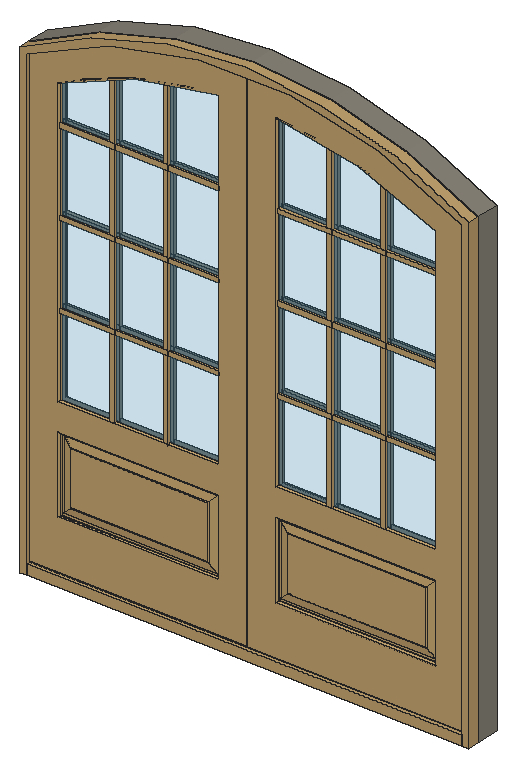
Revit family
Parameters (values of type "CUIAF6070")
  URL = "www.marvin.com"
  Thickness = 0' - 1 3/4"
  Sill Material = Fiberglass_Pultrusion-Marvin-Beige
  Rough Width = Width + 0' 1"  # 6' - 1 5/8"
  Rough Height = Height + 0' 0 1/2"  # 7' - 2 1/2"
  Radius = 6' - 0 1/8"
  RO Radius = 6' - 0 1/2"
  Plan Swing Angle [instance] = 90.00°
  Panel Type = Raised Panel : Raised Panel
  Muntins Interior Material = Wood-Marvin-Pine
  Muntins Exterior Material = Aluminum-Marvin-Bronze
  Mask Offset [instance] = if(Inset to Installation Flange = 0' 1 3/32", 0' 0 1/32", 0' 0")  # 0' - 0"
  Interior Material = Wood-Marvin-Pine
  Function = 1
  Frame = "Aluminum Clad"
  Door Panel Width = (Width - 0' 2 1/2") / 2  # 2' - 11 1/16"
  Panel Height = Intermediate Rail Height - 1' 0 11/32"  # 0' - 11 31/32"
  Nominal Width = 6' - 0"
  Nominal Height = 7' - 0"
  Muntins Interior Visibility = yes
  Muntins Exterior Visibility = yes
  Model = "CUIAF6070"
  Mask [instance] = Inset to Installation Flange > 0' 1 3/32"  # no
  Manufacturer = "Marvin Windows and Doors"
  Low Panel Placement = 1 = 1  # yes
  Lites Wide = 3
  Lites High = 4
  Label Visibility = no
  Jamb Extension Visibility = no
  Intermediate Rail Height = if(Low Panel Placement, 2' 0 5/16", 3' 2 1/8")  # 2' - 0 5/16"
  High Panel Placement = 1 = 0  # no
  Inset to Installation Flange [instance] = 0' - 1"
  Height = if(Nominal Height = 6' 6", Nominal Height + 0' 1 1/2", if(Nominal Height = 8' 0", Nominal Height - 0' 0 1/2", Nominal Height + 0' 2"))  # 7' - 2"
  Wall Closure = (empty or 0)
  Width = Nominal Width + 0' 0 5/8"  # 6' - 0 5/8"
  Glazing Material = Glass-Marvin-IG Low E II with Argon
  Glass Type = "IG Low E II with Argon"
  Family created by = "www.rbuiltcomponents.com"
  FS Springline = 6' - 4 3/16"
  Door Type = "Clad Ultimate Inswing Archtop French Door"
  Design Pressure = "DP40"
  Description = "7284 AT FR DOOR"
  Daylight Area = DLO Width * DLO Height * 2  # 18.9731 SF
  DLO Width = (Width - 1' 9 7/16") / 2  # 2' - 1 19/32"
  DLO Height = Height - (Intermediate Rail Height + 0' 8 5/16")  # 4' - 5 3/8"
  Cladding Material = Aluminum-Marvin-Bronze
  Assembly Code = ""
Reference planes (in)
  plane 1 "Center (Front/Back)": y = 0
  plane 2 "Center (Left/Right)": x = 0
  plane 3 "Left": x = -36.3125
  plane 4 "Right": x = 36.3125
  plane 5 "Top": z = 86
  plane 6 "Exterior": y = 3
  plane 7 "Interior": y = -3
  plane 8 "Inset": y = 2
  plane 9 "Glazing": y = -0.71875
  plane 10: x = -30.375
  plane 11: x = 30.375
  plane 12: z = 80.0625
  plane 13: z = 9.96875
  plane 14 "Jamb Ext Face": y = -2.5625
  plane 15: x = -0.0625
  plane 16: x = 0.0625
  plane 17: x = 4.8125
  plane 18: x = -4.8125
  plane 19: x = -17.59375
  plane 20: x = 17.59375
  plane 21: z = 76.1875
  plane 22: z = 24.3125
  plane 23: z = 21.9375
  plane 24: z = 26.6875
  plane 25: y = -2.59375
Forms (in)
  Sweep 1, solid, material "Aluminum-Marvin-Bronze" <- "Cladding Material"
    path origin (0, -0.71875, 0) x (1, 0, 0) y (0, 0, 1)
      loop
        line (-1.125, 4.03125) -> (36.3125, 4.03125) -> (36.3125, 76.1875)
        arc (36.3125, 76.1875) -> (18.26324, 83.64484) -> (-1.125, 85.98665) r 72.125
        line (-1.125, 85.98665) -> (-1.125, 4.03125)
    profile "Clad_Panel : Clad_Panel" origin (-1.125, -0.71875, 45.00895) x (-1, 0, 0) y (0, -1, 0)
      loop
        line (-1.1875, 0) -> (-5.9375, 0) -> (-5.9375, -0.05719) -> (-5.72946, -0.26523) -> (-5.72946, -0.4375) -> (-1.1875, -0.4375) -> (-1.1875, 0)
  Sweep 2, solid, material "Wood-Marvin-Pine" <- "Interior Material"
    path origin (0, -0.71875, 0) x (1, 0, 0) y (0, 0, 1)
      loop
        line (-1.125, 85.98665) -> (-1.125, 4.03125) -> (36.3125, 4.03125) -> (36.3125, 76.1875)
        arc (36.3125, 76.1875) -> (18.26324, 83.64484) -> (-1.125, 85.98665) r 72.125
    profile "Int_Panel : Int_Panel" origin (-1.125, -0.71875, 45.00895) x (1, 0, 0) y (0, -1, 0)
      loop
        line (1.1875, 1.3125) -> (1.1875, 0) -> (5.21266, 0) -> (5.21266, 0.82511) -> (5.9375, 0.82511) -> (5.9375, 0.97108) -> (5.74041, 1.3125) -> (1.1875, 1.3125)
  Sweep 3, solid, material "Aluminum-Marvin-Bronze" <- "Cladding Material"
    path origin (0, -0.71875, 0) x (1, 0, 0) y (0, 0, 1)
      loop
        line (-36.3125, 0) -> (-36.3125, 76.1875)
        arc (-36.3125, 76.1875) -> (0, 85.99542) -> (36.3125, 76.1875) r 72.125
        line (36.3125, 76.1875) -> (36.3125, 0)
    profile "Clad_Frame : Clad_Frame" origin (-36.3125, -0.71875, 38.09375) x (-1, 0, 0) y (0, -1, 0)
      loop
        line (0, -3.8125) -> (0, 0) -> (-1.06374, 0) -> (-1.06374, -0.53244) -> (-1.77792, -0.53244)
        arc (-1.77792, -0.53244) -> (-1.63018, -1.76415) -> (-1.51551, -2.99937) r 46.27589
        line (-1.51551, -2.99937) -> (-0.93767, -2.99937) -> (-0.93767, -3.10585) -> (-0.67848, -3.10585) -> (-0.67848, -3.8125) -> (0, -3.8125)
  Sweep 4, solid, material "Wood-Marvin-Pine" <- "Interior Material"
    path origin (0, -0.71875, 0) x (1, 0, 0) y (0, 0, 1)
      loop
        line (-36.3125, 0) -> (-36.3125, 76.1875)
        arc (-36.3125, 76.1875) -> (0, 85.99542) -> (36.3125, 76.1875) r 72.125
        line (36.3125, 76.1875) -> (36.3125, 0)
    profile "Int_Frame : Int_Frame" origin (-36.3125, -0.71875, 38.09375) x (-1, 0, 0) y (0, -1, 0)
      loop
        line (0, 0) -> (0, 1.84375) -> (-1.06374, 1.84375) -> (-1.06374, 0) -> (0, 0)
  Sweep 5, solid, material "Fiberglass_Pultrusion-Marvin-Beige" <- "Sill Material"
    path origin (0, 2, 0) x (1, 0, 0) y (0, 0, 1)
      loop
        line (35.63402, 0) -> (-35.63402, 0)
    profile "Sill : Sill" origin (0, 2, 0) x (0, 0, -1) y (0, -1, 0)
      loop
        line (-0.45122, -1.09375) -> (0, -1.09375) -> (0, 3.9375) -> (-1.61915, 3.9375) -> (-1.61915, 1.78125) -> (-0.75338, 1.78125) -> (-0.45122, -1.09375)
  Extrusion 6, solid, material "Aluminum-Marvin-Bronze" <- "Cladding Material"
    sketch origin (0, 0, 0) x (0, 1, 0) y (0, 0, 1)
      loop
        line (-0.28125, 5.21875) -> (-0.71875, 5.21875) -> (-0.71875, 1.8125) -> (-0.28125, 1.8125) -> (-0.28125, 5.21875)
    from 0.0625 to 35.125
  Extrusion 7, solid, material "Wood-Marvin-Pine" <- "Interior Material"
    sketch origin (0, 0, 0) x (0, 1, 0) y (0, 0, 1)
      loop
        line (-0.71875, 5.21875) -> (-2.03125, 5.21875) -> (-2.03125, 1.8125) -> (-0.71875, 1.8125) -> (-0.71875, 5.21875)
    from 0.0625 to 35.125
  Extrusion 8, solid, material "Wood-Marvin-Pine" <- "Interior Material", visible <- "Jamb Extension Visibility", detail levels medium+fine
    sketch origin (0, -2.5625, 0) x (1, 0, 0) y (0, 0, 1)
      loop
        line (-36.3125, 0) -> (-35.625, 0) -> (-35.625, 75.79115)
        arc (-35.625, 75.79115) -> (0, 85.30792) -> (35.625, 75.79115) r 71.4375
        line (35.625, 75.79115) -> (35.625, 0) -> (36.3125, 0) -> (36.3125, 76.1875)
        arc (36.3125, 76.1875) -> (0, 85.99542) -> (-36.3125, 76.1875) r 72.125
        line (-36.3125, 76.1875) -> (-36.3125, 0)
    from 0.03125 to 0.4375
  Extrusion 9, solid, material "Glass-Marvin-IG Low E II with Argon" <- "Glazing Material"
    sketch origin (0, -0.71875, 0) x (1, 0, 0) y (0, 0, 1)
      loop
        line (31, 26.0625) -> (31, 73.16849)
        arc (31, 73.16849) -> (17.9872, 78.3198) -> (4.1875, 80.6516) r 66.91234
        line (4.1875, 80.6516) -> (4.1875, 26.0625) -> (31, 26.0625)
      loop
        line (-4.1875, 26.0625) -> (-4.1875, 80.6516)
        arc (-4.1875, 80.6516) -> (-17.9872, 78.3198) -> (-31, 73.16849) r 66.91234
        line (-31, 73.16849) -> (-31, 26.0625) -> (-4.1875, 26.0625)
    from 0 to 0.125
  Extrusion 10, solid, material "Glass-Marvin-IG Low E II with Argon" <- "Glazing Material"
    sketch origin (0, -0.71875, 0) x (1, 0, 0) y (0, 0, 1)
      loop
        line (31, 26.0625) -> (31, 73.16849)
        arc (31, 73.16849) -> (17.9872, 78.3198) -> (4.1875, 80.6516) r 66.91234
        line (4.1875, 80.6516) -> (4.1875, 26.0625) -> (31, 26.0625)
      loop
        line (-31, 26.0625) -> (-4.1875, 26.0625) -> (-4.1875, 80.6516)
        arc (-4.1875, 80.6516) -> (-17.9872, 78.3198) -> (-31, 73.16849) r 66.91234
        line (-31, 73.16849) -> (-31, 26.0625)
    from 0.65625 to 0.78125
  Extrusion 11, solid, material "Wood-Marvin-Pine" <- "Interior Material"
    sketch origin (0, 0, 0) x (0, 1, 0) y (0, 0, 1)
      loop
        line (-1.9375, 1.625) -> (-2.5625, 1.625) -> (-2.5625, 0) -> (-1.9375, 0) -> (-1.9375, 1.625)
    from -35.24876 to 35.24876
  Sweep 12, solid, material "Aluminum-Marvin-Bronze" <- "Cladding Material"
    path origin (0, -0.71875, 0) x (-1, 0, 0) y (0, 0, 1)
      loop
        line (-1.125, 4.03125) -> (36.3125, 4.03125) -> (36.3125, 76.1875)
        arc (36.3125, 76.1875) -> (18.26324, 83.64484) -> (-1.125, 85.98665) r 72.125
        line (-1.125, 85.98665) -> (-1.125, 4.03125)
    profile "Clad_Panel : Clad_Panel" origin (1.125, -0.71875, 45.00895) x (-1, 0, 0) y (0, -1, 0)
      loop
        line (1.1875, 0) -> (1.1875, -0.4375) -> (5.72946, -0.4375) -> (5.72946, -0.26523) -> (5.9375, -0.05719) -> (5.9375, 0) -> (1.1875, 0)
  Sweep 13, solid, material "Wood-Marvin-Pine" <- "Interior Material"
    path origin (0, -0.71875, 0) x (-1, 0, 0) y (0, 0, 1)
      loop
        line (-1.125, 85.98665) -> (-1.125, 4.03125) -> (36.3125, 4.03125) -> (36.3125, 76.1875)
        arc (36.3125, 76.1875) -> (18.26324, 83.64484) -> (-1.125, 85.98665) r 72.125
    profile "Int_Panel : Int_Panel" origin (1.125, -0.71875, 45.00895) x (1, 0, 0) y (0, -1, 0)
      loop
        line (-1.1875, 1.3125) -> (-5.74041, 1.3125) -> (-5.9375, 0.97108) -> (-5.9375, 0.82511) -> (-5.21266, 0.82511) -> (-5.21266, 0) -> (-1.1875, 0) -> (-1.1875, 1.3125)
  Extrusion 14, solid, material "Wood-Marvin-Pine" <- "Interior Material"
    sketch origin (0, 0, 0) x (0, 1, 0) y (0, 0, -1)
      loop
        line (-0.71875, -5.21875) -> (-0.71875, -1.8125) -> (-2.03125, -1.8125) -> (-2.03125, -5.21875) -> (-0.71875, -5.21875)
    from 0.0625 to 35.125
  Extrusion 15, solid, material "Aluminum-Marvin-Bronze" <- "Cladding Material"
    sketch origin (0.125, 0, 0) x (0, 1, 0) y (0, 0, -1)
      loop
        line (-0.28125, -5.21875) -> (-0.28125, -1.8125) -> (-0.71875, -1.8125) -> (-0.71875, -5.21875) -> (-0.28125, -5.21875)
    from 0.1875 to 35.25
  Sweep 16, solid, material "Aluminum-Marvin-Bronze" <- "Cladding Material"
    path in 3D
      loop
        line (-0.0625, -0.28125, 1.8125) -> (-0.0625, -0.28125, 84.8079)
    profile "Mtg_Stile : Mtg_Stile" origin (-0.0625, -0.28125, 43.3102) x (0, -1, 0) y (1, 0, 0)
      loop
        line (0, 0.71385) -> (-0.9637, 0.61256) -> (-1.13979, 0.37874) -> (-1.594, 0.25704) -> (-1.594, -0.62233) -> (-1.15549, -0.73983) -> (-0.9773, -0.97643) -> (0, -1.07915) -> (0, 0.71385)
  Sweep 17, solid, material "Aluminum-Marvin-Bronze" <- "Cladding Material"
    path origin (0, -0.71875, 0) x (1, 0, 0) y (0, 0, 1)
      loop
        line (30.58304, 24.3125) -> (4.60446, 24.3125)
    profile "Inter_Rail_Clad : Inter_Rail_Clad" origin (17.59375, -0.71875, 24.3125) x (0, 0, -1) y (0, -1, 0)
      loop
        line (2.16696, -0.4375) -> (2.16696, -0.26523) -> (2.375, -0.05719) -> (2.375, 0) -> (-2.375, 0) -> (-2.375, -0.05719) -> (-2.16696, -0.26523) -> (-2.16696, -0.4375) -> (2.16696, -0.4375)
  Sweep 18, solid, material "Aluminum-Marvin-Bronze" <- "Cladding Material"
    path origin (-35.1875, -0.71875, 0) x (1, 0, 0) y (0, 0, 1)
      loop
        line (30.58304, 24.3125) -> (4.60446, 24.3125)
    profile "Inter_Rail_Clad : Inter_Rail_Clad" origin (-17.59375, -0.71875, 24.3125) x (0, 0, -1) y (0, -1, 0)
      loop
        line (2.16696, -0.4375) -> (2.16696, -0.26523) -> (2.375, -0.05719) -> (2.375, 0) -> (-2.375, 0) -> (-2.375, -0.05719) -> (-2.16696, -0.26523) -> (-2.16696, -0.4375) -> (2.16696, -0.4375)
  Sweep 19, solid, material "Wood-Marvin-Pine" <- "Interior Material"
    path origin (0, -0.71875, 0) x (1, 0, 0) y (0, 0, 1)
      loop
        line (-30.57209, 24.3125) -> (-4.61541, 24.3125)
    profile "Inter_Rail_Int : Inter_Rail_Int" origin (-17.59375, -0.71875, 24.3125) x (0, 0, 1) y (0, -1, 0)
      loop
        line (2.17791, 1.3125) -> (-2.17791, 1.3125) -> (-2.375, 0.97108) -> (-2.375, 0.82511) -> (-1.65016, 0.82511) -> (-1.65016, 0) -> (1.65016, 0) -> (1.65016, 0.82511) -> (2.375, 0.82511) -> (2.375, 0.97108) -> (2.17791, 1.3125)
  Sweep 20, solid, material "Wood-Marvin-Pine" <- "Interior Material"
    path origin (35.1875, -0.71875, 0) x (1, 0, 0) y (0, 0, 1)
      loop
        line (-30.57209, 24.3125) -> (-4.61541, 24.3125)
    profile "Inter_Rail_Int : Inter_Rail_Int" origin (17.59375, -0.71875, 24.3125) x (0, 0, 1) y (0, -1, 0)
      loop
        line (2.17791, 1.3125) -> (-2.17791, 1.3125) -> (-2.375, 0.97108) -> (-2.375, 0.82511) -> (-1.65016, 0.82511) -> (-1.65016, 0) -> (1.65016, 0) -> (1.65016, 0.82511) -> (2.375, 0.82511) -> (2.375, 0.97108) -> (2.17791, 1.3125)
Cuts and joins
  joined: Sweep 1, Extrusion 6, Sweep 17
  joined: Sweep 2, Extrusion 7, Sweep 20
  joined: Sweep 13, Extrusion 14, Sweep 19
  joined: Sweep 12, Extrusion 15, Sweep 18
Lines and regions (in)
  Opening 1
    outline origin (-90, -3, 0) x (1, 0, 0) y (0, 0, 1)
      loop
        line (53.6875, 0) -> (126.3125, 0) -> (126.3125, 76.1875)
        arc (126.3125, 76.1875) -> (90, 85.99542) -> (53.6875, 76.1875) r 72.125
        line (53.6875, 76.1875) -> (53.6875, 0)
  Masking region 1
    outline origin (0, 0, 0) x (0, 1, 0) y (0, 0, 1)
      loop
        line (3.09375, 86) -> (-2.5625, 86) -> (-2.5625, 0) -> (3.09375, 0) -> (3.09375, 86)
  Masking region 2, visible <- "Mask"
    outline origin (0, 0, 0) x (0, 1, 0) y (0, 0, 1)
      loop
        line (3.09375, 86) -> (3, 86) -> (3, 0) -> (3.09375, 0) -> (3.09375, 86)
  Masking region 3, visible <- "Jamb Extension Visibility"
    outline origin (0, 0, 0) x (1, 0, 0) y (0, 1, 0)
      loop
        line (-36.3125, -2.59375) -> (-36.3125, -3) -> (-35.625, -3) -> (-35.625, -2.59375) -> (-36.3125, -2.59375)
      loop
        line (36.3125, -2.59375) -> (35.625, -2.59375) -> (35.625, -3) -> (36.3125, -3) -> (36.3125, -2.59375)
  Masking region 4
    outline origin (0, 0, 0) x (0, 1, 0) y (0, 0, 1)
      loop
        line (-2.59375, 86) -> (-3, 86) -> (-3, 0) -> (-2.59375, 0) -> (-2.59375, 86)
  symbolic lines, style "DoorsFrameMullionProjection", visible <- "Jamb Extension Visibility", detail levels coarse+medium
    curve 1: line (-36.3125, -3, 0) -> (-35.625, -3, 0)
    curve 2: line (-35.625, -3, 0) -> (-35.625, -2.59375, 0)
    curve 3: line (36.3125, -3, 0) -> (35.625, -3, 0)
    curve 4: line (35.625, -3, 0) -> (35.625, -2.59375, 0)
    curve 7: line (0, -2.59375, 85.3125) -> (0, -3, 85.3125)
    curve 8: line (0, -3, 85.3125) -> (0, -3, 86)
  symbolic lines, style "Jamb Extension", visible <- "Jamb Extension Visibility", detail levels fine
    curve 5: line (0, -2.59375, 85.3125) -> (0, -3, 85.3125)
    curve 6: line (0, -3, 85.3125) -> (0, -3, 86)
  symbolic lines, style "DoorsFrameMullionProjection", detail levels coarse+medium
    curve 9: line (0, 3.09375, 86) -> (0, 3.09375, 84.93626)
    curve 10: line (0, 3.09375, 84.93626) -> (0, -2.5625, 84.93626)
    curve 11: line (0, -2.5625, 84.93626) -> (0, -2.5625, 86)
    curve 20: line (0, -0.28125, 80.0625) -> (0, -0.28125, 26.6875)
    curve 21: line (0, -2.03125, 80.0625) -> (0, -2.03125, 26.6875)
    curve 24: line (0, 3.09375, 0.45122) -> (0, 0.21875, 0.75338)
    curve 25: line (0, 0.21875, 1.625) -> (0, 0.21875, 0.75338)
    curve 26: line (0, 0.21875, 1.625) -> (0, -2.56948, 1.625)
    curve 27: line (0, -2.56948, 0) -> (0, -2.56948, 1.625)
    curve 28: line (0, 3.09375, 0) -> (0, 3.09375, 0.45122)
    curve 29: line (0, 3.09375, 0) -> (0, -2.56948, 0)
  symbolic lines, style "DoorsPanelProjection", detail levels coarse+medium
    curve 12: line (0, -0.28125, 80.0625) -> (0, -0.28125, 84.93626)
    curve 13: line (0, -2.03125, 80.0625) -> (0, -0.28125, 80.0625)
    curve 14: line (0, -2.03125, 84.93626) -> (0, -2.03125, 80.0625)
    curve 15: line (0, -0.28125, 26.6875) -> (0, -2.03125, 26.6875)
    curve 16: line (0, -0.28125, 1.8125) -> (0, -0.28125, 26.6875)
    curve 17: line (0, -2.03125, 1.8125) -> (0, -0.28125, 1.8125)
    curve 18: line (0, -2.03125, 26.6875) -> (0, -2.03125, 1.8125)
  symbolic lines, style "DoorsGlassProjection", detail levels coarse+medium
    curve 19: line (0, -1.15625, 26.6875) -> (0, -1.15625, 80.0625)
  symbolic lines, style "Elevation Swing"
    curve 22: line (0, -0.71875, 1.73908) -> (35.125, -0.71875, 43)
    curve 23: line (35.125, -0.71875, 43) -> (0, -0.71875, 84.90841)
    curve 30: line (0, -0.71875, 1.73908) -> (-35.125, -0.71875, 43)
    curve 31: line (-35.125, -0.71875, 43) -> (0, -0.71875, 84.90841)
  sketch lines
    curve 32: line (-0.0625, -0.28125, 1.8125) -> (-0.0625, -0.28125, 84.8079)
  reference lines
    curve 33: arc (36.3125, 3, 76.1875) -> (0, 3, 85.99542) -> (-36.3125, 3, 76.1875) r 72.125
Text (in)
  text "Exterior" at (-74.96733, 27.31104, 0), in view "Ref. Level"
  text "Interior" at (-74.96733, -25.14366, 0), in view "Ref. Level"
  text "Exterior" at (0, 40.15149, 123.01588), in view "Right"
  text "Interior" at (0, -64.39139, 123.01588), in view "Right"
  text "Interior" at (0, -31.01599, 123.00693), in view "Left"
  text "Exterior" at (0, 54.57065, 123.00693), in view "Left"
Dimensions and locks (in)
  equal spacing: plane 3 "Left", plane 2 "Center (Left/Right)", plane 4 "Right"
  "Height": level to plane 5 "Top"
  "Width": plane 3 "Left" to plane 4 "Right"
  locked: plane 11 to plane 4 "Right" at 5.9375
  locked: plane 3 "Left" to plane 10 at 5.9375
  locked: plane 12 to plane 5 "Top" at 5.9375
  locked: level to plane 13 at 9.96875
  locked: Extrusion 6 sketch curve to Sweep 1 at 3.40625
  locked: Extrusion 7 sketch curve to Sweep 2 at 3.40625
  locked: Extrusion 8 sketch curve to plane 4 "Right" at 0.6875
  locked: plane 3 "Left" to Extrusion 8 sketch curve at 0.6875
  locked: Extrusion 9 sketch curve to plane 24 at 0.625
  locked: plane 11 to Extrusion 9 sketch curve at 0.625
  locked: Extrusion 10 sketch curve to plane 24 at 0.625
  locked: plane 11 to Extrusion 10 sketch curve at 0.625
  locked: plane 9 "Glazing" to Extrusion 9 at 0.125
  locked: plane 9 "Glazing" to Extrusion 10 at 0.78125
  locked: plane 9 "Glazing" to Extrusion 10 at 0.65625
  locked: Extrusion 10 to Extrusion 10 at 0.125
  "Inset to Installation Flange": host wall to plane 8 "Inset"
  locked: plane 9 "Glazing" to plane 8 "Inset" at 2.71875
  locked: plane 14 "Jamb Ext Face" to plane 8 "Inset" at 4.5625
  locked: nested 2 to host wall at 12
  locked: Extrusion 11 sketch curve to level at 1.625
  plane 15 to plane 2 "Center (Left/Right)" to plane 16 = 0' - 0 1/16", 0' - 0 1/16"
  locked: plane 17 to plane 16 at 4.75
  locked: plane 15 to plane 18 at 4.75
  locked: plane 17 to Extrusion 9 sketch curve at 0.625
  locked: plane 17 to Extrusion 10 sketch curve at 0.625
  equal spacing: plane 18, plane 19, plane 10
  equal spacing: plane 17, plane 20, plane 11
  equal spacing: level, curve 23, plane 5 "Top"
  locked: Extrusion 14 sketch curve to Extrusion 14 sketch curve at 3.40625
  locked: Extrusion 15 sketch curve to Extrusion 15 sketch curve at 3.40625
  locked: Extrusion 10 sketch curve to plane 18 at 0.625
  locked: Extrusion 10 sketch curve to plane 10 at 0.625
  locked: Extrusion 9 sketch curve to plane 18 at 0.625
  locked: Extrusion 9 sketch curve to plane 10 at 0.625
  equal spacing: level, curve 31, plane 5 "Top"
  "FS Springline": level to plane 21
  locked: Sweep 1 sketch curve to plane 13 at 5.9375
  locked: plane 17 to Sweep 1 sketch curve at 5.9375
  locked: Sweep 12 sketch curve to plane 13 at 5.9375
  locked: Sweep 12 sketch curve to plane 18 at 5.9375
  locked: Sweep 2 sketch curve to plane 13 at 5.9375
  locked: plane 17 to Sweep 2 sketch curve at 5.9375
  locked: Sweep 13 sketch curve to plane 18 at 5.9375
  locked: Sweep 13 sketch curve to plane 13 at 5.9375
  locked: nested 5 to plane 9 "Glazing" at 0.8125
  locked: nested 4 to plane 9 "Glazing" at 0.8125
  locked: curve 7 to plane 5 "Top" at 0.6875
  "Intermediate Rail Height": level to plane 22
  plane 23 to plane 22 to plane 24 = 0' - 2 3/8" locked, 0' - 2 3/8" locked
  locked: nested 8 to plane 9 "Glazing" at 0.375
  locked: nested 9 to plane 9 "Glazing" at 0.375
  equal spacing: curve 16, curve 19, curve 18
  "Mask Offset": Masking region 2 sketch curve to host wall
  locked: plane 25 to plane 14 "Jamb Ext Face" at 0.03125
  "Radius": radius of curve 33
  aligned and locked: plane 3 "Left" to Opening 1 sketch curve
  aligned and locked: Opening 1 sketch curve to plane 4 "Right"
  aligned and locked: Opening 1 sketch curve to level
  aligned and locked: plane 6 "Exterior" to host wall
  aligned and locked: plane 7 "Interior" to host wall
  aligned and locked: plane 3 "Left" to Sweep 3 sketch curve
  aligned and locked: level to Sweep 3 sketch curve  (x2)
  aligned and locked: Sweep 3 sketch curve to plane 4 "Right"
  aligned and locked: plane 3 "Left" to Sweep 4 sketch curve
  aligned and locked: level to Sweep 4 sketch curve  (x2)
  aligned and locked: Sweep 4 sketch curve to plane 4 "Right"
  aligned and locked: level to nested 1
  aligned and locked: nested 1 to plane 8 "Inset"
  aligned and locked: Sweep 5 sketch curve to level
  aligned and locked: Extrusion 6 sketch curve to Sweep 1  (x2)
  aligned and locked: Extrusion 6 sketch curve to plane 9 "Glazing"
  aligned and locked: Sweep 1 to Extrusion 6
  aligned and locked: Extrusion 6 to Sweep 1
  aligned and locked: Sweep 2 to Extrusion 7 sketch curve
  aligned and locked: plane 9 "Glazing" to Extrusion 7 sketch curve
  aligned and locked: Extrusion 7 sketch curve to Sweep 2
  aligned and locked: Sweep 2 to Extrusion 7
  aligned and locked: Extrusion 7 to Sweep 2
  aligned and locked: Extrusion 8 sketch curve to plane 3 "Left"
  aligned and locked: plane 4 "Right" to Extrusion 8 sketch curve
  aligned and locked: level to Extrusion 8 sketch curve  (x2)
  aligned and locked: Sweep 3 to Extrusion 8 sketch curve
  aligned and locked: host wall to Extrusion 8
  aligned and locked: Extrusion 9 to plane 9 "Glazing"
  aligned and locked: plane 3 "Left" to curve 1
  aligned and locked: curve 1 to Extrusion 8
  aligned and locked: plane 4 "Right" to curve 3
  aligned and locked: curve 4 to Extrusion 8
  aligned and locked: curve 3 to Extrusion 8
  aligned and locked: Extrusion 8 to curve 6
  aligned and locked: plane 5 "Top" to curve 8
  aligned and locked: plane 14 "Jamb Ext Face" to curve 11
  aligned and locked: curve 13 to plane 12
  aligned and locked: curve 14 to cut or joined group of Sweep 2, Extrusion 7, Sweep 20
  aligned and locked: curve 12 to cut or joined group of Sweep 1, Extrusion 6, Sweep 17
  aligned and locked: curve 18 to cut or joined group of Sweep 2, Extrusion 7, Sweep 20
  aligned and locked: curve 13 to curve 19
  aligned and locked: curve 15 to curve 19
  aligned and locked: plane 5 "Top" to Masking region 1 sketch curve
  aligned and locked: level to Masking region 1 sketch curve
  aligned and locked: level to Masking region 2 sketch curve
  aligned and locked: plane 5 "Top" to Masking region 2 sketch curve
  aligned and locked: curve 21 to cut or joined group of Sweep 2, Extrusion 7, Sweep 20
  aligned and locked: cut or joined group of Sweep 1, Extrusion 6, Sweep 17 to curve 22
  aligned and locked: plane 2 "Center (Left/Right)" to nested 2
  aligned and locked: level to Extrusion 11 sketch curve
  aligned and locked: Extrusion 11 sketch curve to plane 14 "Jamb Ext Face"
  aligned and locked: curve 17 to cut or joined group of Sweep 2, Extrusion 7, Sweep 20
  aligned and locked: curve 24 to Sweep 5
  aligned and locked: curve 25 to nested 1
  aligned and locked: curve 27 to nested 1
  aligned and locked: curve 28 to Sweep 5
  aligned and locked: Extrusion 14 sketch curve to Sweep 13  (x2)
  aligned and locked: plane 9 "Glazing" to Extrusion 14 sketch curve
  aligned and locked: Extrusion 14 to Sweep 13
  aligned and locked: Sweep 13 to Extrusion 14
  aligned and locked: Extrusion 15 sketch curve to Sweep 12  (x2)
  aligned and locked: Extrusion 15 sketch curve to plane 9 "Glazing"
  aligned and locked: cut or joined group of Sweep 13, Extrusion 14, Sweep 19 to Extrusion 15
  aligned and locked: Extrusion 15 to Sweep 12
  aligned and locked: Extrusion 10 sketch curve to Extrusion 10 sketch curve
  aligned and locked: Extrusion 9 sketch curve to Extrusion 9 sketch curve
  aligned and locked: nested 3 to plane 8 "Inset"
  aligned and locked: Masking region 1 sketch curve to Sweep 3
  aligned and locked: Masking region 2 sketch curve to Sweep 3
  aligned and locked: Extrusion 11 sketch curve to Sweep 5
  aligned and locked: curve 9 to Sweep 3
  aligned and locked: Sweep 5 sketch curve to Sweep 3
  aligned and locked: Sweep 3 to Sweep 5 sketch curve
  aligned and locked: Extrusion 11 to Sweep 4  (x2)
  aligned and locked: plane 21 to curve 33  (x2)
  aligned and locked: plane 4 "Right" to curve 33
  aligned and locked: plane 3 "Left" to curve 33
  aligned and locked: Opening 1 sketch curve to curve 33
  aligned and locked: Sweep 3 sketch curve to host wall
  aligned and locked: Sweep 1 sketch curve to plane 4 "Right"
  aligned and locked: Sweep 1 sketch curve to host wall
  aligned and locked: Sweep 12 sketch curve to plane 3 "Left"
  aligned and locked: Sweep 12 sketch curve to host wall
  aligned and locked: plane 4 "Right" to Sweep 2 sketch curve
  aligned and locked: Sweep 2 sketch curve to host wall
  aligned and locked: plane 3 "Left" to Sweep 13 sketch curve
  aligned and locked: Sweep 13 sketch curve to host wall
  aligned and locked: Extrusion 10 sketch curve to Extrusion 9  (x2)
  aligned and locked: Extrusion 8 sketch curve to host wall
  aligned and locked: Sweep 4 sketch curve to host wall
  aligned and locked: Extrusion 9 sketch curve to cut or joined group of Sweep 2, Extrusion 7, Sweep 20
  aligned and locked: Extrusion 9 sketch curve to cut or joined group of Sweep 13, Extrusion 14, Sweep 19
  aligned and locked: plane 19 to nested 4
  aligned and locked: nested 5 to plane 20
  aligned and locked: plane 20 to nested 6
  aligned and locked: nested 7 to plane 19
  aligned and locked: plane 9 "Glazing" to nested 7
  aligned and locked: nested 6 to plane 9 "Glazing"
  aligned and locked: curve 10 to nested 1
  aligned and locked: curve 5 to curve 7
  aligned and locked: nested 6 to plane 12
  aligned and locked: plane 12 to nested 7
  aligned and locked: nested 4 to plane 12
  aligned and locked: plane 12 to nested 5
  aligned and locked: cut or joined group of Sweep 1, Extrusion 6, Sweep 17 to Sweep 17 sketch curve  (x2)
  aligned and locked: Sweep 17 sketch curve to plane 22
  aligned and locked: cut or joined group of Sweep 12, Extrusion 15, Sweep 18 to Sweep 18 sketch curve  (x2)
  aligned and locked: Sweep 18 sketch curve to plane 22
  aligned and locked: cut or joined group of Sweep 13, Extrusion 14, Sweep 19 to Sweep 19 sketch curve  (x2)
  aligned and locked: Sweep 19 sketch curve to plane 22
  aligned and locked: cut or joined group of Sweep 2, Extrusion 7, Sweep 20 to Sweep 20 sketch curve  (x2)
  aligned and locked: Sweep 20 sketch curve to plane 22
  aligned and locked: nested 8 to plane 19
  aligned and locked: plane 13 to nested 8
  aligned and locked: plane 20 to nested 9
  aligned and locked: plane 13 to nested 9
  aligned and locked: curve 15 to plane 24
  aligned and locked: nested 3 to plane 2 "Center (Left/Right)"
  aligned and locked: Extrusion 8 to curve 2
  aligned and locked: plane 25 to Masking region 3 sketch curve
  aligned and locked: Masking region 3 sketch curve to plane 3 "Left"
  aligned and locked: Masking region 3 sketch curve to host wall
  aligned and locked: Masking region 3 sketch curve to Extrusion 8  (x2)
  aligned and locked: Masking region 3 sketch curve to plane 25
  aligned and locked: Masking region 3 sketch curve to plane 4 "Right"
  aligned and locked: host wall to Masking region 3 sketch curve
  aligned and locked: Extrusion 8 to curve 4
  aligned and locked: Extrusion 8 to curve 5
  aligned and locked: Extrusion 8 to curve 7
  aligned and locked: Extrusion 8 to plane 25
  aligned and locked: Masking region 1 sketch curve to plane 14 "Jamb Ext Face"
  aligned and locked: plane 5 "Top" to Masking region 4 sketch curve
  aligned and locked: level to Masking region 4 sketch curve
  aligned and locked: plane 25 to Masking region 4 sketch curve
  aligned and locked: Masking region 4 sketch curve to host wall
Automatic sketch dimensions
  Extrusion 8 sketch curve to Extrusion 8 sketch curve = 0' - 0"  (x2)
  Extrusion 8 sketch curve to plane 21 = 0' - 0.39635"
  curve 23 to plane 2 "Center (Left/Right)" = 0' - 0"
  curve 30 to plane 2 "Center (Left/Right)" = 0' - 0"
  curve 30 to plane 3 "Left" = 0' - 1 3/16"
  level to curve 22 = 0' - 1.73908"
  plane 5 "Top" to curve 31 = 0' - 1.09159"
  curve 1 to curve 2 = 0' - 0 11/16"
  curve 29 to level = 0' - 0"
  curve 11 to plane 5 "Top" = 0' - 0"
  curve 26 to curve 16 = 0' - 0 3/16"
  curve 9 to plane 5 "Top" = 0' - 0"
Nested families (in)
  nested 1: "Door_Section_Detail" at (0, 2, 0) x (0, -1, 0) z (1, 0, 0), type "Door_Section_Detail", detail levels fine
  nested 2: "Label Annotation 1-16 w5" at (0, 15, 0), visible <- "Label Visibility", type "Label Annotation 1-16 w5"
  nested 3: "Door_Plan_Detail" at (-54.25, -1.9375, 0) x (-1, 0, 0) z (0, 0, 1), type "Door_Plan_Detail"
  nested 4: "Muntins" at (-17.59375, -1.53125, -9.53125), Muntin Material <- "Muntins Interior Material", visible <- "Muntins Interior Visibility", type "Muntins"
    with Muntin Material Wood-Marvin-Pine, GlazingHeight 4' - 5 3/8", VerticalMuntins 2, LitesVertical 4, LitesHorizontal 3, HorizontalMuntins 3, Height 4' - 5 13/16", Inset Vert 0' - 8.30208", Inset Horiz 1' - 1 5/64"
  nested 5: "Muntins" at (17.59375, -1.53125, -9.53125) x (-1, 0, 0) z (0, 0, 1), Muntin Material <- "Muntins Interior Material", visible <- "Muntins Interior Visibility", type "Muntins"
    with Muntin Material Wood-Marvin-Pine, GlazingHeight 4' - 5 3/8", VerticalMuntins 2, LitesVertical 4, LitesHorizontal 3, HorizontalMuntins 3, Height 4' - 5 13/16", Inset Vert 0' - 8.30208", Inset Horiz 1' - 1 5/64"
  nested 6: "Muntins" at (17.59375, -0.71875, -9.53125) x (-1, 0, 0) z (0, 0, 1), visible <- "Muntins Exterior Visibility", Muntin Material <- "Muntins Exterior Material", type "Muntins"
    with Muntin Material Aluminum-Marvin-Bronze, GlazingHeight 4' - 5 3/8", VerticalMuntins 2, LitesVertical 4, LitesHorizontal 3, HorizontalMuntins 3, Height 4' - 5 13/16", Inset Vert 0' - 8.30208", Inset Horiz 1' - 1 5/64"
  nested 7: "Muntins" at (-17.59375, -0.71875, -9.53125), visible <- "Muntins Exterior Visibility", Muntin Material <- "Muntins Exterior Material", type "Muntins"
    with Muntin Material Aluminum-Marvin-Bronze, GlazingHeight 4' - 5 3/8", VerticalMuntins 2, LitesVertical 4, LitesHorizontal 3, HorizontalMuntins 3, Height 4' - 5 13/16", Inset Vert 0' - 8.30208", Inset Horiz 1' - 1 5/64"
  nested 8: "Raised Panel" at (-17.59375, -0.34375, -2.03125) x (-1, 0, 0) z (0, 0, 1), Interior Finish <- "Interior Material", Cladding Finish <- "Cladding Material", Width <- "DLO Width", Height <- "Panel Height", type <- "Panel Type", type "Raised Panel"
    with Width 2' - 1 19/32", Interior Finish Wood-Marvin-Pine, Height 0' - 11 31/32", Cladding Finish Aluminum-Marvin-Bronze
  nested 9: "Raised Panel" at (17.59375, -0.34375, -2.03125) x (-1, 0, 0) z (0, 0, 1), Interior Finish <- "Interior Material", Cladding Finish <- "Cladding Material", Width <- "DLO Width", Height <- "Panel Height", type <- "Panel Type", type "Raised Panel"
    with Width 2' - 1 19/32", Interior Finish Wood-Marvin-Pine, Height 0' - 11 31/32", Cladding Finish Aluminum-Marvin-Bronze
Definition of nested family "Muntins"
  Parameters (values of type "Muntins")
    Radius = 5' - 6 3/16"
    GlazingWidth = 2' - 1 19/32"
    GlazingHeight = 5' - 10 1/8"
    Width = GlazingWidth + 0' 0 7/16"  # 2' - 2 1/32"
    VerticalMuntins = if(LitesHorizontal < 3, 2, LitesHorizontal - 1)  # 5
    VertMuntVisible = LitesHorizontal > 2  # yes
    MuntinWidth = 0' - 0 3/4"
    MuntinDepth = 0' - 0 3/8"
    Muntin Material [instance] = none
    LitesVertical = 5
    LitesHorizontal = 6
    HorizontalMuntins = if(LitesVertical < 3, 2, LitesVertical - 1)  # 4
    HorizMuntVisible = LitesVertical > 2  # yes
    Height = GlazingHeight + 0' 0 7/16"  # 5' - 10 9/16"
    Inset Vert = if(LitesHorizontal < 3, (Width / 3) - (MuntinWidth / 2), (Width / LitesHorizontal) - (MuntinWidth / 2))  # 0' - 3.96354"
    Inset Horiz = if(LitesVertical < 3, (Height / 3) - (MuntinWidth / 2), (Height / LitesVertical) - (MuntinWidth / 2))  # 1' - 1.7375"
    CenterMuntinVertical = LitesHorizontal = 2  # no
    CenterMuntinHorizontal = LitesVertical = 2  # no
    Assembly Code = ""
  Reference planes (in)
    plane 1 "Center (Front/Back)": y = 0
    plane 2: z = 0
    plane 3 "Center (Left/Right)": x = 0
    plane 4: z = 35.78125
    plane 5: z = 71.0625
    plane 6: z = 106.34375
    plane 7: z = 92.60625
    plane 8: z = 49.51875
    plane 9: z = 106.125
    plane 10: z = 36
    plane 11: x = -12.79688
    plane 12: x = 12.79688
    plane 13: x = -9.05208
    plane 14: x = -13.01562
    plane 15: x = 13.01563
    plane 16: x = 9.05208
    plane 17: x = 17.39063
  Forms (in)
    Extrusion 1, solid, material <- "Muntin Material", visible <- "CenterMuntinVertical", detail levels medium+fine
      sketch origin (9, 0, 0) x (1, 0, 0) y (0, 0, 1)
        loop
          line (-9.375, 106.34375) -> (-9.375, 35.78125) -> (-8.625, 35.78125) -> (-8.625, 106.34375) -> (-9.375, 106.34375)
      from 0 to 0.375 <- "MuntinDepth"
    Extrusion 2, solid, material <- "Muntin Material", visible <- "CenterMuntinHorizontal", detail levels medium+fine
      sketch origin (-0.0013, 0, 14.6875) x (1, 0, 0) y (0, 0, 1)
        loop
          line (-13.01432, 56.75) -> (-13.01432, 56) -> (13.01693, 56) -> (13.01693, 56.75) -> (-13.01432, 56.75)
      from 0 to 0.375 <- "MuntinDepth"
    Extrusion 3, solid, material <- "Muntin Material", visible <- "VertMuntVisible", detail levels medium+fine
      sketch origin (0.32292, 0, -2.90625) x (1, 0, 0) y (0, 0, 1)
        loop
          line (-9.375, 109.25) -> (-9.375, 38.6875) -> (-8.625, 38.6875) -> (-8.625, 109.25) -> (-9.375, 109.25)
      from 0 to 0.375 <- "MuntinDepth"
    Extrusion 4, solid, material <- "Muntin Material", visible <- "HorizMuntVisible", detail levels medium+fine
      sketch origin (-2.29948, 0, 46.91875) x (1, 0, 0) y (0, 0, 1)
        loop
          line (-10.71615, 45.6875) -> (-10.71615, 44.9375) -> (15.3151, 44.9375) -> (15.3151, 45.6875) -> (-10.71615, 45.6875)
      from 0 to 0.375 <- "MuntinDepth"
    Extrusion 5, solid, material <- "Muntin Material", visible <- "HorizMuntVisible", detail levels medium+fine
      sketch origin (-2.29948, 0, 4.58125) x (1, 0, 0) y (0, 0, 1)
        loop
          line (-10.71615, 45.6875) -> (-10.71615, 44.9375) -> (15.3151, 44.9375) -> (15.3151, 45.6875) -> (-10.71615, 45.6875)
      from 0 to 0.375 <- "MuntinDepth"
    Extrusion 6, solid, material <- "Muntin Material", visible <- "VertMuntVisible", detail levels medium+fine
      sketch origin (17.67708, 0, -2.90625) x (1, 0, 0) y (0, 0, 1)
        loop
          line (-9.375, 109.25) -> (-9.375, 38.6875) -> (-8.625, 38.6875) -> (-8.625, 109.25) -> (-9.375, 109.25)
      from 0 to 0.375 <- "MuntinDepth"
    Extrusion 7, solid, material <- "Muntin Material", visible <- "HorizMuntVisible", detail levels medium+fine
      sketch origin (-2.29948, 0, 32.80625) x (1, 0, 0) y (0, 0, 1)
        loop
          line (-10.71615, 45.6875) -> (-10.71615, 44.9375) -> (15.3151, 44.9375) -> (15.3151, 45.6875) -> (-10.71615, 45.6875)
      from 0 to 0.375 <- "MuntinDepth"
    Extrusion 8, solid, material <- "Muntin Material", visible <- "HorizMuntVisible", detail levels medium+fine
      sketch origin (-2.29948, 0, 18.69375) x (1, 0, 0) y (0, 0, 1)
        loop
          line (-10.71615, 45.6875) -> (-10.71615, 44.9375) -> (15.3151, 44.9375) -> (15.3151, 45.6875) -> (-10.71615, 45.6875)
      from 0 to 0.375 <- "MuntinDepth"
    Extrusion 9, void
      sketch origin (0, 0, 0) x (1, 0, 0) y (0, 0, 1)
        loop
          line (17.39063, 106.34375) -> (-12.79688, 106.34375) -> (-12.79688, 99.05871)
          arc (-12.79688, 99.05871) -> (1.86358, 104.49672) -> (17.39063, 106.34375) r 66.1875
      from 0 to 1
    Extrusion 10, solid, material <- "Muntin Material", visible <- "VertMuntVisible", detail levels medium+fine
      sketch origin (4.66146, 0, -2.90625) x (1, 0, 0) y (0, 0, 1)
        loop
          line (-9.375, 109.25) -> (-9.375, 38.6875) -> (-8.625, 38.6875) -> (-8.625, 109.25) -> (-9.375, 109.25)
      from 0 to 0.375 <- "MuntinDepth"
    Extrusion 11, solid, material <- "Muntin Material", visible <- "VertMuntVisible", detail levels medium+fine
      sketch origin (9, 0, -2.90625) x (1, 0, 0) y (0, 0, 1)
        loop
          line (-9.375, 109.25) -> (-9.375, 38.6875) -> (-8.625, 38.6875) -> (-8.625, 109.25) -> (-9.375, 109.25)
      from 0 to 0.375 <- "MuntinDepth"
    Extrusion 12, solid, material <- "Muntin Material", visible <- "VertMuntVisible", detail levels medium+fine
      sketch origin (13.33854, 0, -2.90625) x (1, 0, 0) y (0, 0, 1)
        loop
          line (-9.375, 109.25) -> (-9.375, 38.6875) -> (-8.625, 38.6875) -> (-8.625, 109.25) -> (-9.375, 109.25)
      from 0 to 0.375 <- "MuntinDepth"
  Cuts and joins
    Extrusion 9 cuts Extrusion 1
    Extrusion 9 cuts Extrusion 3
    Extrusion 9 cuts Extrusion 6
  Lines and regions (in)
    model lines, style "Muntins", visible <- "CenterMuntinHorizontal", detail levels coarse
      curve 1: line (-13.01562, 0, 71.0625) -> (13.01563, 0, 71.0625)
    model lines, style "Muntins", visible <- "HorizMuntVisible", detail levels coarse
      curve 2: line (-13.01562, 0, 92.23125) -> (13.01563, 0, 92.23125)
      curve 3: line (-13.01562, 0, 49.89375) -> (13.01563, 0, 49.89375)
      curve 7: line (-13.01562, 0, 78.11875) -> (13.01563, 0, 78.11875)
      curve 8: line (-13.01562, 0, 64.00625) -> (13.01563, 0, 64.00625)
    model lines, style "Muntins", visible <- "CenterMuntinVertical", detail levels coarse
      curve 4: line (0, 0, 106.34375) -> (0, 0, 35.78125)
    model lines, style "Muntins", visible <- "VertMuntVisible", detail levels coarse
      curve 5: line (-8.67708, 0, 106.34375) -> (-8.67708, 0, 35.78125)
      curve 6: line (8.67708, 0, 106.34375) -> (8.67708, 0, 35.78125)
      curve 10: line (-4.33854, 0, 106.34375) -> (-4.33854, 0, 35.78125)
      curve 11: line (0, 0, 106.34375) -> (0, 0, 35.78125)
      curve 12: line (4.33854, 0, 106.34375) -> (4.33854, 0, 35.78125)
    reference lines
      curve 9: arc (17.39063, 0, 106.34375) -> (1.86358, 0, 104.49672) -> (-12.79688, 0, 99.05871) r 66.1875
  Dimensions and locks (in)
    "Inset Horiz": plane 6 to plane 7
    "Inset Horiz": plane 8 to plane 4
    equal spacing: plane 6, plane 5, plane 4
    "Height": plane 6 to plane 4
    "GlazingHeight": plane 9 to plane 10
    equal spacing: plane 9, plane 5, plane 10
    "GlazingWidth": plane 12 to plane 11
    equal spacing: plane 12, plane 3 "Center (Left/Right)", plane 11
    "MuntinWidth": Extrusion 1 sketch curve to Extrusion 1 sketch curve
    "Height": Extrusion 1 sketch curve to Extrusion 1 sketch curve
    "MuntinWidth": Extrusion 2 sketch curve to Extrusion 2 sketch curve
    "Width": Extrusion 2 sketch curve to Extrusion 2 sketch curve
    "MuntinWidth": Extrusion 3 sketch curve to Extrusion 3 sketch curve
    "Height": Extrusion 3 sketch curve to Extrusion 3 sketch curve
    "Width": plane 15 to plane 14
    equal spacing: plane 15, plane 3 "Center (Left/Right)", plane 14
    "Inset Vert": plane 13 to plane 14
    "Inset Vert": plane 15 to plane 16
    "MuntinWidth": Extrusion 4 sketch curve to Extrusion 4 sketch curve
    "Width": Extrusion 4 sketch curve to Extrusion 4 sketch curve
    "MuntinWidth": Extrusion 5 sketch curve to Extrusion 5 sketch curve
    "Width": Extrusion 5 sketch curve to Extrusion 5 sketch curve
    equal spacing: group 2, group 6, group 7, group 3  (x2)
    equal spacing: group 3, group 7, group 6, group 2
    "MuntinWidth": Extrusion 6 sketch curve to Extrusion 6 sketch curve
    "Height": Extrusion 6 sketch curve to Extrusion 6 sketch curve
    equal spacing: group 4, group 8, group 9, group 10, group 5  (x3)
    "MuntinWidth": Extrusion 7 sketch curve to Extrusion 7 sketch curve
    "Width": Extrusion 7 sketch curve to Extrusion 7 sketch curve
    "MuntinWidth": Extrusion 8 sketch curve to Extrusion 8 sketch curve
    "Width": Extrusion 8 sketch curve to Extrusion 8 sketch curve
    locked: plane 12 to plane 17 at 4.59375
    "MuntinWidth": Extrusion 10 sketch curve to Extrusion 10 sketch curve
    "Height": Extrusion 10 sketch curve to Extrusion 10 sketch curve
    "MuntinWidth": Extrusion 11 sketch curve to Extrusion 11 sketch curve
    "Height": Extrusion 11 sketch curve to Extrusion 11 sketch curve
    "MuntinWidth": Extrusion 12 sketch curve to Extrusion 12 sketch curve
    "Height": Extrusion 12 sketch curve to Extrusion 12 sketch curve
    "Radius": radius of curve 9
    aligned and locked: plane 6 to Extrusion 1  (x2)
    aligned and locked: Extrusion 1 to plane 4  (x3)
    aligned and locked: Extrusion 3 to plane 13  (x5)
    aligned and locked: Extrusion 3 to plane 4  (x3)
    aligned and locked: Extrusion 2 to plane 14
    aligned and locked: plane 15 to Extrusion 2
    aligned and locked: plane 6 to Extrusion 3
    aligned and locked: plane 7 to Extrusion 4
    aligned and locked: Extrusion 4 to plane 14
    aligned and locked: plane 15 to Extrusion 4
    aligned and locked: curve 1 to plane 5
    aligned and locked: plane 14 to curve 1
    aligned and locked: plane 15 to curve 1
    aligned and locked: Extrusion 5 to plane 14
    aligned and locked: Extrusion 5 to plane 8
    aligned and locked: plane 15 to Extrusion 5
    aligned and locked: Extrusion 5 to curve 3  (x2)
    aligned and locked: Extrusion 4 to curve 2  (x2)
    aligned and locked: curve 4 to plane 3 "Center (Left/Right)"
    aligned and locked: Extrusion 1 to curve 4  (x2)
    aligned and locked: Extrusion 3 to curve 5  (x2)
    aligned and locked: Extrusion 6 to curve 6  (x2)
    aligned and locked: Extrusion 6 to plane 16
    aligned and locked: plane 6 to Extrusion 6
    aligned and locked: plane 6 to curve 6
    aligned and locked: Extrusion 6 to plane 4
    aligned and locked: plane 4 to curve 6
    aligned and locked: Extrusion 7 to curve 7  (x2)
    aligned and locked: Extrusion 8 to curve 8  (x2)
    aligned and locked: Extrusion 9 sketch curve to plane 11
    aligned and locked: Extrusion 9 sketch curve to plane 6
    aligned and locked: plane 17 to curve 9
    aligned and locked: plane 11 to curve 9
    aligned and locked: plane 6 to curve 9
    aligned and locked: Extrusion 9 sketch curve to curve 9
    aligned and locked: Extrusion 10 to curve 10  (x2)
    aligned and locked: Extrusion 11 to curve 11  (x2)
    aligned and locked: Extrusion 12 to curve 12  (x2)
  Automatic sketch dimensions
    Extrusion 1 sketch curve to plane 4 = 0' - 0"
    Extrusion 1 sketch curve to plane 3 "Center (Left/Right)" = 0' - 0 3/8"
    Extrusion 2 sketch curve to plane 5 = 0' - 0 3/8"
    Extrusion 2 sketch curve to plane 11 = 0' - 0 7/32"
Definition of nested family "Raised Panel"
  Parameters (values of type "Raised Panel")
    Width [instance] = 4' - 0"
    Interior Finish [instance] = none
    Height [instance] = 4' - 0"
    Cladding Finish [instance] = none
    Assembly Code = ""
  Reference planes (in)
    plane 1 "Center (Front/Back)": y = 0
    plane 2: z = 12
    plane 3 "Center (Left/Right)": x = 0
    plane 4: z = 36
    plane 5: z = 60
    plane 6: x = 24
    plane 7: x = -24
  Forms (in)
    Sweep 1, solid, material <- "Cladding Finish"
      path origin (0, 0, 0) x (1, 0, 0) y (0, 0, 1)
        loop
          line (-24, 60) -> (-24, 12) -> (24, 12) -> (24, 60) -> (-24, 60)
      profile "Panel Raised : Panel Raised" origin (0, 0, 60) x (0, 0, 1) y (0, -1, 0)
        loop
          line (0.59375, -0.38788) -> (-0.07092, -0.38788) -> (-1.32092, -0.16972) -> (-1.41492, -0.07572) -> (-2, -0.07572) -> (-2, -1.45001) -> (-1.66252, -1.45001) -> (-1.56777, -1.35851) -> (-0.31902, -1.13832) -> (0.59375, -1.13832) -> (0.59375, -0.38788)
    Extrusion 2, solid, material <- "Cladding Finish"
      sketch origin (0, 0, 0) x (1, 0, 0) y (0, 0, 1)
        loop
          line (-22, 58) -> (-22, 14) -> (22, 14) -> (22, 58) -> (-22, 58)
      from -1.45001 to -0.07572
  Cuts and joins
    joined: Sweep 1, Extrusion 2
  Dimensions and locks (in)
    "Width": plane 6 to plane 7
    "Height": plane 5 to plane 2
    equal spacing: plane 5, plane 4, plane 2
    equal spacing: plane 6, plane 3 "Center (Left/Right)", plane 7
    aligned and locked: Sweep 1 sketch curve to plane 5
    aligned and locked: plane 7 to Sweep 1 sketch curve
    aligned and locked: Sweep 1 sketch curve to plane 6
    aligned and locked: plane 2 to Sweep 1 sketch curve
    aligned and locked: Sweep 1 to Extrusion 2 sketch curve  (x2)
    aligned and locked: Extrusion 2 sketch curve to Sweep 1  (x2)
    aligned and locked: Sweep 1 to Extrusion 2
    aligned and locked: cut or joined group of Sweep 1, Extrusion 2 to cut or joined group of Sweep 1, Extrusion 2
Definition of nested family "Door_Section_Detail"
  Parameters (values of type "Door_Section_Detail")
    Inter_Rail_Height = 2' - 0 5/16"
    Height = 7' - 2"
    Assembly Code = ""
  Reference planes (in)
    plane 1 "Center (Front/Back)": y = 0
    plane 2: z = 0
    plane 3 "Center (Left/Right)": x = 0
    plane 4: y = 86
    plane 5: y = 24.3125
  Lines and regions (in)
    detail lines, style "Cut Lines", in view "Ref. Level"
      curve 1: line (2.76266, 26.02525, 0) -> (2.76266, 80.72538, 0)
      curve 2: line (2.88766, 26.02525, 0) -> (2.88766, 80.72538, 0)
      curve 3: line (3.38766, 26.02525, 0) -> (3.38766, 80.72538, 0)
      curve 4: line (3.51266, 26.02525, 0) -> (3.51266, 80.72538, 0)
      curve 5: line (2.75485, 22.5625, 0) -> (3.50485, 22.5625, 0)
      curve 6: line (2.75485, 9.34038, 0) -> (2.75485, 22.5625, 0)
      curve 7: line (3.50485, 9.34038, 0) -> (2.75485, 9.34038, 0)
      curve 8: line (3.50485, 22.5625, 0) -> (3.50485, 9.34038, 0)
  Dimensions and locks (in)
    "Height": plane 4 to plane 1 "Center (Front/Back)"
    "Inter_Rail_Height": plane 1 "Center (Front/Back)" to plane 5
    locked: curve 5 to plane 5 at 1.75
    locked: plane 1 "Center (Front/Back)" to curve 7 at 9.34038
    aligned and locked: plane 1 "Center (Front/Back)" to nested 1
    aligned and locked: plane 3 "Center (Left/Right)" to nested 1
    aligned and locked: plane 4 to nested 2
    aligned and locked: nested 2 to plane 3 "Center (Left/Right)"
    aligned and locked: curve 1 to nested 2
    aligned and locked: nested 2 to curve 2
    aligned and locked: curve 3 to nested 2
    aligned and locked: nested 2 to curve 4
    aligned and locked: plane 5 to nested 3
    aligned and locked: plane 3 "Center (Left/Right)" to nested 3
    aligned and locked: curve 1 to nested 3
    aligned and locked: nested 3 to curve 2
    aligned and locked: curve 3 to nested 3
    aligned and locked: nested 3 to curve 4
  Automatic sketch dimensions
    plane 3 "Center (Left/Right)" to curve 1 = 0' - 2.76266"
    curve 1 to curve 2 = 0' - 0 1/8"
    plane 3 "Center (Left/Right)" to curve 7 = 0' - 2.75485"
    curve 5 to curve 5 = 0' - 0 3/4"
    curve 2 to curve 3 = 0' - 0 1/2"
    curve 3 to curve 4 = 0' - 0 1/8"
  Nested families (in)
    nested 1: "Sill_Detail" at (0, 0, 0), type "Sill_Detail", in view "Ref. Level"
    nested 2: "Jamb_Detail" at (0, 86, 0) x (0, -1, 0) z (0, 0, 1), type "Jamb_Detail", in view "Ref. Level"
    nested 3: "Inter_Rail_Detail" at (0, 24.3125, 0), type "Inter_Rail_Detail", in view "Ref. Level"
  Definition of nested family "Sill_Detail"
    Parameters (values of type "Sill_Detail")
      Assembly Code = ""
    Reference planes (in)
      plane 1 "Center (Front/Back)": y = 0
      plane 2: z = 0
      plane 3 "Center (Left/Right)": x = 0
    Lines and regions (in)
      detail lines, style "Cut Lines", in view "Ref. Level"
        curve 1: line (2.28125, 1.81861, 0) -> (2.28125, 9.76071, 0)
        curve 2: line (2.28125, 1.81861, 0) -> (4.03125, 1.81861, 0)
        curve 3: line (4.03125, 1.81861, 0) -> (4.03125, 9.77166, 0)
        curve 4: line (3.68983, 9.96875, 0) -> (4.03125, 9.77166, 0)
        curve 5: line (3.54386, 9.96875, 0) -> (3.68983, 9.96875, 0)
        curve 6: line (2.28125, 9.76071, 0) -> (2.45352, 9.76071, 0)
        curve 7: line (2.71875, 9.96875, 0) -> (2.66156, 9.96875, 0)
        curve 8: line (2.71875, 9.24391, 0) -> (3.54386, 9.24391, 0)
        curve 9: line (2.71875, 9.96875, 0) -> (2.71875, 9.24391, 0)
        curve 10: line (3.54386, 9.24391, 0) -> (3.54386, 9.96875, 0)
        curve 11: line (2.45352, 9.76071, 0) -> (2.66156, 9.96875, 0)
        curve 12: line (-1.09375, 0.45122, 0) -> (1.78125, 0.75338, 0)
        curve 13: line (4.56948, 0, 0) -> (-1.09375, 0, 0)
        curve 14: line (1.78125, 1.61915, 0) -> (1.78125, 0.75338, 0)
        curve 15: line (4.56948, 1.61915, 0) -> (1.78125, 1.61915, 0)
        curve 16: line (4.56948, 0, 0) -> (4.56948, 1.61915, 0)
        curve 17: line (-1.09375, 0, 0) -> (-1.09375, 0.45122, 0)
  Definition of nested family "Jamb_Detail"
    Parameters (values of type "Jamb_Detail")
      Assembly Code = ""
    Reference planes (in)
      plane 1 "Center (Front/Back)": y = 0
      plane 2: z = 0
      plane 3 "Center (Left/Right)": x = 0
    Lines and regions (in)
      detail lines, style "Cut Lines", in view "Ref. Level"
        curve 1: line (0, 1.09375, 0) -> (0, -4.5625, 0)
        curve 2: line (0, -4.5625, 0) -> (1.06374, -4.5625, 0)
        curve 3: line (1.06374, -2.18631, 0) -> (1.06374, -4.5625, 0)
        curve 4: line (1.06374, -2.18631, 0) -> (1.77792, -2.18631, 0)
        curve 5: line (0.67848, 0.3871, 0) -> (0.67848, 1.09375, 0)
        curve 6: line (0.93767, 0.3871, 0) -> (0.67848, 0.3871, 0)
        curve 7: line (0.93767, 0.28062, 0) -> (0.93767, 0.3871, 0)
        curve 8: line (0.67848, 1.09375, 0) -> (0, 1.09375, 0)
        curve 9: line (0, 0.045, 0) -> (-1.49897, 0.045, 0)
        curve 10: line (-0.155, 0, 0) -> (-1.49897, 0, 0)
        curve 11: line (-0.155, 0, 0) -> (-0.155, -0.11, 0)
        curve 12: line (0, -0.11, 0) -> (-0.155, -0.11, 0)
        curve 13: line (-1.49897, 0, 0) -> (-1.49897, 0.045, 0)
        curve 14: arc (1.77792, -2.18631, 0) -> (1.63018, -0.9546, 0) -> (1.51551, 0.28062, 0) r 46.27589
        curve 15: line (0.93767, 0.28062, 0) -> (1.51551, 0.28062, 0)
        curve 16: line (1.18687, -4.03125, 0) -> (1.18687, -2.28125, 0)
        curve 17: line (5.73978, -4.03125, 0) -> (1.18687, -4.03125, 0)
        curve 18: line (1.18687, -2.28125, 0) -> (5.72883, -2.28125, 0)
        curve 19: line (5.93687, -3.68983, 0) -> (5.73978, -4.03125, 0)
        curve 20: line (5.93687, -3.54386, 0) -> (5.93687, -3.68983, 0)
        curve 21: line (5.72883, -2.28125, 0) -> (5.72883, -2.45352, 0)
        curve 22: line (5.93687, -2.71875, 0) -> (5.93687, -2.66156, 0)
        curve 23: line (5.21204, -2.71875, 0) -> (5.21204, -3.54386, 0)
        curve 24: line (5.93687, -2.71875, 0) -> (5.21204, -2.71875, 0)
        curve 25: line (5.21204, -3.54386, 0) -> (5.93687, -3.54386, 0)
        curve 26: line (5.72883, -2.45352, 0) -> (5.93687, -2.66156, 0)
        curve 27: line (5.27462, -2.76266, 0) -> (5.27462, -2.88766, 0)
        curve 28: line (5.39962, -3.38766, 0) -> (5.39962, -2.88766, 0)
        curve 29: line (5.64962, -3.38766, 0) -> (5.64962, -2.88766, 0)
        curve 30: line (5.27462, -3.38766, 0) -> (5.27462, -3.51266, 0)
  Definition of nested family "Inter_Rail_Detail"
    Parameters (values of type "Inter_Rail_Detail")
      Assembly Code = ""
    Reference planes (in)
      plane 1 "Center (Front/Back)": y = 0
      plane 2: z = 0
      plane 3 "Center (Left/Right)": x = 0
      plane 4: y = 2.375
      plane 5: y = -2.375
    Lines and regions (in)
      detail lines, style "Cut Lines", in view "Ref. Level"
        curve 1: line (2.28125, -2.16696, 0) -> (2.28125, 2.16696, 0)
        curve 2: line (4.03125, -2.17791, 0) -> (4.03125, 2.17791, 0)
        curve 3: line (3.68983, 2.375, 0) -> (4.03125, 2.17791, 0)
        curve 4: line (3.54386, 2.375, 0) -> (3.68983, 2.375, 0)
        curve 5: line (2.28125, 2.16696, 0) -> (2.45352, 2.16696, 0)
        curve 6: line (2.71875, 2.375, 0) -> (2.66156, 2.375, 0)
        curve 7: line (2.71875, 1.65016, 0) -> (3.54386, 1.65016, 0)
        curve 8: line (2.71875, 2.375, 0) -> (2.71875, 1.65016, 0)
        curve 9: line (3.54386, 1.65016, 0) -> (3.54386, 2.375, 0)
        curve 10: line (2.45352, 2.16696, 0) -> (2.66156, 2.375, 0)
        curve 11: line (2.76266, 1.71275, 0) -> (2.88766, 1.71275, 0)
        curve 12: line (3.38766, 1.83775, 0) -> (2.88766, 1.83775, 0)
        curve 13: line (3.38766, 2.08775, 0) -> (2.88766, 2.08775, 0)
        curve 14: line (3.38766, 1.71275, 0) -> (3.51266, 1.71275, 0)
        curve 15: line (3.68983, -2.375, 0) -> (4.03125, -2.17791, 0)
        curve 16: line (3.54386, -2.375, 0) -> (3.68983, -2.375, 0)
        curve 17: line (2.28125, -2.16696, 0) -> (2.45352, -2.16696, 0)
        curve 18: line (2.71875, -2.375, 0) -> (2.66156, -2.375, 0)
        curve 19: line (2.71875, -1.65016, 0) -> (3.54386, -1.65016, 0)
        curve 20: line (2.71875, -2.375, 0) -> (2.71875, -1.65016, 0)
        curve 21: line (3.54386, -1.65016, 0) -> (3.54386, -2.375, 0)
        curve 22: line (2.45352, -2.16696, 0) -> (2.66156, -2.375, 0)
Definition of nested family "Label Annotation 1-16 w5"
  Parameters
    Label = ""
    Egress Info = "EGRESS WDW"
    Description = "3664 FIXED"
  Reference planes (in)
    plane 1: y = 0
    plane 2: x = 0
  Text (in)
    label "Description" at (0.00375, -0.00345, 0), shows "Description"
Definition of nested family "Door_Plan_Detail"
  Parameters (values of type "Door_Plan_Detail")
    Width = 6' - 0 5/8"
    Swing Angle = 90.00°
    Panel Width = 2' - 11 1/16"
    Flange Visibility = yes
    Assembly Code = ""
  Reference planes (in)
    plane 1 "Center (Front/Back)": y = -3.9375
    plane 2: z = 0
    plane 3: x = -17.9375
    plane 4: y = 0.09375
    plane 5: x = -19.125
    plane 6: x = -89.375
    plane 7: x = -90.5625
    plane 8: x = -54.25
  Lines and regions (in)
    Masking region 1, in view "Ref. Level", detail levels coarse+medium
      outline origin (0, 0, 0) x (1, 0, 0) y (0, 1, 0)
        loop
          line (-19.125, 0.625) -> (-19.125, -5.03125) -> (-17.9375, -5.03125) -> (-17.9375, 0.625) -> (-19.125, 0.625)
    Masking region 2, in view "Ref. Level", detail levels coarse+medium
      outline origin (-108.375, 0, 0) x (0, 1, 0) y (-1, 0, 0)
        loop
          line (0.625, -19) -> (0.625, -17.8125) -> (-5.03125, -17.8125) -> (-5.03125, -19) -> (0.625, -19)
  Dimensions and locks (in)
    locked: plane 1 "Center (Front/Back)" to plane 4 at 4.03125
    "Width": plane 7 to plane 3
    locked: plane 5 to plane 3 at 1.1875
    locked: plane 7 to plane 6 at 1.1875
    locked: Masking region 2 sketch curve to plane 4 at 0.53125
    locked: Masking region 2 sketch curve to plane 1 "Center (Front/Back)" at 1.09375
    equal spacing: plane 7, plane 8, plane 3
    aligned and locked: plane 1 "Center (Front/Back)" to nested 1
    aligned and locked: nested 2 to plane 1 "Center (Front/Back)"
    aligned and locked: nested 1 to plane 7
    aligned and locked: nested 2 to plane 3
    aligned and locked: Masking region 1 sketch curve to plane 5
    aligned and locked: Masking region 1 sketch curve to plane 3
    aligned and locked: Masking region 2 sketch curve to plane 6
    aligned and locked: Masking region 2 sketch curve to plane 7
    aligned and locked: Masking region 2 to Masking region 1 sketch curve
    aligned and locked: Masking region 1 sketch curve to Masking region 2
    aligned and locked: nested 3 to plane 5
    aligned and locked: plane 4 to nested 3
    aligned and locked: nested 4 to plane 6
    aligned and locked: nested 4 to plane 4
  Automatic sketch dimensions
    Masking region 2 sketch curve to plane 7 = 0' - 0"
  Nested families (in)
    nested 1: "Jamb_Detail" at (-90.5625, -3.9375, 0), type "Jamb_Detail", in view "Ref. Level", detail levels fine
      with Flange Visibility yes
    nested 2: "Jamb_Detail" at (-17.9375, -3.9375, 0) x (-1, 0, 0) z (0, 0, 1), type "Jamb_Detail", in view "Ref. Level", detail levels fine
      with Flange Visibility yes
    nested 3: "Panel_Swing_Detail" at (0, 0, 0), Swing Angle <- "Swing Angle", type "Door_Plan_Detail", in view "Ref. Level"
      with Swing Visibility yes, Swing Constraint 90.00°, Swing Angle 90.00°, Mtg Stile no
    nested 4: "Panel_Swing_Detail" at (-108.5, 0, 0) x (-1, 0, 0) z (0, 0, 1), Swing Angle <- "Swing Angle", type "Door_Plan_Detail", in view "Ref. Level"
      with Swing Visibility yes, Swing Constraint 90.00°, Swing Angle 90.00°, Mtg Stile yes
  Definition of nested family "Jamb_Detail"
    Parameters (values of type "Jamb_Detail")
      Flange Visibility = no
      Assembly Code = ""
    Reference planes (in)
      plane 1 "Center (Front/Back)": y = 0
      plane 2: z = 0
      plane 3 "Center (Left/Right)": x = 0
    Lines and regions (in)
      Masking region 1, in view "Ref. Level"
        outline origin (0, 0, 0) x (1, 0, 0) y (0, 1, 0)
          loop
            line (0, 1.09375) -> (0, -4.5625) -> (1.06374, -4.5625) -> (1.06374, -2.18631) -> (1.77792, -2.18631)
            arc (1.77792, -2.18631) -> (1.63018, -0.9546) -> (1.51551, 0.28062) r 46.27589
